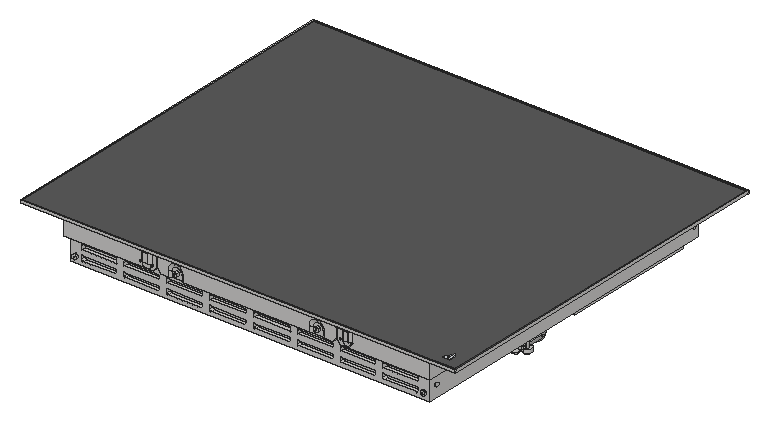
Revit family "P210876JX-026_JIC4324KB", category Specialty Equipment, Revit 2026 (continued)
Lines and regions (in)
  model lines
    curve 20: circle (4.0701, -20.5625, 1.63146) r 0.17188 normal (0, 1, 0)
    curve 21: circle (-9.01999, -7.01892, -0.89063) r 0.17882 normal (0, 0, -1)
    curve 22: circle (-9.01999, -2.76892, -0.89063) r 0.17882 normal (0, 0, -1)
    curve 23: circle (9.01999, -7.64392, -0.89063) r 0.17882 normal (0, 0, 1)
    curve 24: circle (9.01999, -2.14392, -0.89063) r 0.17882 normal (0, 0, 1)
    curve 25: circle (10.02465, -6.50505, 0) r 0.17882 normal (0, 0, 1)
    curve 26: circle (10.02465, -1.3488, 0) r 0.17882 normal (0, 0, 1)
    curve 27: circle (-10.03385, -6.75505, 0) r 0.17882 normal (0, 0, -1)
    curve 28: circle (-10.03385, -1.5988, 0) r 0.17882 normal (0, 0, -1)
    curve 29: circle (10.10453, -20.39434, 0.35608) r 0.17188 normal (0, 1, 0)
    curve 30: line (10.64063, -15.16765, 2.35096) -> (10.64063, -15.16765, 1.73857)
    curve 31: line (10.64063, -15.54001, 2.35096) -> (10.64063, -15.54001, 1.73857)
    curve 32: line (10.64063, -15.62042, 1.73442) -> (10.64063, -15.84905, 1.73442)
    curve 33: line (10.64063, -15.84905, 1.73442) -> (10.64063, -15.84905, 1.61111)
    curve 34: line (10.64063, -15.84905, 1.61111) -> (10.64063, -14.8586, 1.61111)
    curve 35: line (10.64063, -14.8586, 1.73442) -> (10.64063, -14.8586, 1.61111)
    curve 36: line (10.64063, -15.08723, 1.73442) -> (10.64063, -14.8586, 1.73442)
    curve 37: circle (10.64063, -15.3602, 1.98833) r 0.07501 normal (-1, 0, 0)
    curve 38: line (10.64063, -14.9452, 1.61111) -> (10.64063, -14.9452, 1.32071)
    curve 39: line (10.64063, -15.76246, 1.61111) -> (10.64063, -15.76246, 1.32071)
    curve 40: line (10.64063, -6.39339, 2.35096) -> (10.64063, -6.39339, 1.73857)
    curve 41: line (10.64063, -6.02102, 2.35096) -> (10.64063, -6.02102, 1.73857)
    curve 42: line (10.64063, -5.94061, 1.73442) -> (10.64063, -5.71198, 1.73442)
    curve 43: line (10.64063, -5.71198, 1.73442) -> (10.64063, -5.71198, 1.61111)
    curve 44: line (10.64063, -5.71198, 1.61111) -> (10.64063, -6.70243, 1.61111)
    curve 45: line (10.64063, -6.70243, 1.73442) -> (10.64063, -6.70243, 1.61111)
    curve 46: line (10.64063, -6.4738, 1.73442) -> (10.64063, -6.70243, 1.73442)
    curve 47: circle (10.64063, -6.20083, 1.98833) r 0.07501 normal (1, 0, 0)
    curve 48: line (10.64063, -6.61584, 1.61111) -> (10.64063, -6.61584, 1.32071)
    curve 49: line (10.64063, -5.79857, 1.61111) -> (10.64063, -5.79857, 1.32071)
    curve 50: circle (10.5047, -4.03215, 1.58417) r 0.15998 normal (-1, 0, 0)
    curve 51: circle (10.5047, -17.46965, 1.58417) r 0.15998 normal (-1, 0, 0)
    curve 52: line (-10.64063, -15.23015, 2.35096) -> (-10.64063, -15.23015, 1.73857)
    curve 53: line (-10.64063, -15.60251, 2.35096) -> (-10.64063, -15.60251, 1.73857)
    curve 54: line (-10.64063, -15.68292, 1.73442) -> (-10.64063, -15.91155, 1.73442)
    curve 55: line (-10.64063, -15.91155, 1.73442) -> (-10.64063, -15.91155, 1.61111)
    curve 56: line (-10.64063, -15.91155, 1.61111) -> (-10.64063, -14.9211, 1.61111)
    curve 57: line (-10.64063, -14.9211, 1.73442) -> (-10.64063, -14.9211, 1.61111)
    curve 58: line (-10.64063, -15.14973, 1.73442) -> (-10.64063, -14.9211, 1.73442)
    curve 59: circle (-10.64063, -15.4227, 1.98833) r 0.07501 normal (-1, 0, 0)
    curve 60: line (-10.64063, -15.0077, 1.61111) -> (-10.64063, -15.0077, 1.32071)
    curve 61: line (-10.64063, -15.82496, 1.61111) -> (-10.64063, -15.82496, 1.32071)
    curve 62: line (-10.64063, -6.39339, 2.35096) -> (-10.64063, -6.39339, 1.73857)
    curve 63: line (-10.64063, -6.02102, 2.35096) -> (-10.64063, -6.02102, 1.73857)
    curve 64: line (-10.64063, -5.94061, 1.73442) -> (-10.64063, -5.71198, 1.73442)
    curve 65: line (-10.64063, -5.71198, 1.73442) -> (-10.64063, -5.71198, 1.61111)
    curve 66: line (-10.64063, -5.71198, 1.61111) -> (-10.64063, -6.70243, 1.61111)
    curve 67: line (-10.64063, -6.70243, 1.73442) -> (-10.64063, -6.70243, 1.61111)
    curve 68: line (-10.64063, -6.4738, 1.73442) -> (-10.64063, -6.70243, 1.73442)
    curve 69: circle (-10.64063, -6.20083, 1.98833) r 0.07501 normal (1, 0, 0)
    curve 70: line (-10.64063, -6.61584, 1.61111) -> (-10.64063, -6.61584, 1.32071)
    curve 71: line (-10.64063, -5.79857, 1.61111) -> (-10.64063, -5.79857, 1.32071)
    curve 72: circle (-10.5047, -4.03215, 1.58417) r 0.15998 normal (-1, 0, 0)
    curve 73: circle (-10.5047, -17.46965, 1.58417) r 0.15998 normal (-1, 0, 0)
    curve 157: circle (8.38076, -10.37553, 0) r 0.17882 normal (0, 0, 1)
    curve 158: circle (-8.38076, -10.37553, 0) r 0.17882 normal (0, 0, -1)
  symbolic lines, style "SpecialityEquipment"
    curve 2: line (-12.64062, -21.3125, 3.72992) -> (12.64063, -21.3125, 3.72992)
    curve 3: line (-12.64062, 0, 3.72992) -> (-12.64062, -21.3125, 3.72992)
    curve 4: line (12.64063, 0, 3.72992) -> (-12.64062, 0, 3.72992)
    curve 5: line (12.64063, -21.3125, 3.72992) -> (12.64063, 0, 3.72992)
    curve 154: circle (-4.96806, -5.24272, 2.79687) r 3.43839 normal (0, 0, 1)
    curve 155: circle (-5.05211, -12.92336, 2.79687) r 2.91329 normal (0, 0, 1)
    curve 156: circle (3.89565, -9.29505, 2.79687) r 5.03606 normal (0, 0, 1)
  model lines, style "Cooktop Grey"
    curve 74: arc (-5.07883, -1.76298, 2.79687) -> (-7.44047, -2.77953, 2.79687) -> (-8.44875, -5.14471, 2.79687) r 3.46
    curve 75: arc (-8.44733, -5.34737, 2.79687) -> (-2.54274, -7.66814, 2.79687) -> (-4.86485, -1.76408, 2.79687) r 3.46
    curve 76: arc (-8.64791, -5.14808, 2.79687) -> (-7.58159, -2.64672, 2.79687) -> (-5.08397, -1.57164, 2.79687) r 3.65922
    curve 79: arc (-5.2914, -10.01991, 2.79687) -> (-7.17292, -10.926, 2.79687) -> (-7.96467, -12.85842, 2.79687) r 2.91329
    curve 80: arc (-7.96348, -13.02906, 2.79687) -> (-7.11584, -14.97963, 2.79687) -> (-5.16835, -15.83433, 2.79687) r 2.91329
    curve 82: arc (-4.94989, -15.83485, 2.79687) -> (-2.14382, -12.75255, 2.79687) -> (-5.2914, -10.01991, 2.79687) r 2.91329
    curve 84: arc (-5.1763, -16.03339, 2.79687) -> (-7.25696, -15.12025, 2.79687) -> (-8.16257, -13.03628, 2.79687) r 3.11251
    curve 85: arc (6.79626, -9.19829, 2.79687) -> (0.97951, -9.29398, 2.79687) -> (6.79601, -9.40335, 2.79687) r 2.90922
    curve 86: arc (8.91906, -9.19839, 2.79687) -> (7.43892, -5.73226, 2.79687) -> (3.9666, -4.26669, 2.79687) r 5.03131
    curve 87: arc (9.11436, -9.19015, 2.79687) -> (7.57591, -5.59288, 2.79687) -> (3.97147, -4.07132, 2.79687) r 5.22673
    curve 88: arc (3.77126, -4.26746, 2.79687) -> (0.33593, -12.85994, 2.79687) -> (8.91897, -9.40109, 2.79687) r 5.03131
  model lines, style "Cooktop White"
    curve 77: line (-4.95966, -1.57055, 2.79687) -> (-4.95966, -1.95563, 2.79687)
    curve 78: line (-8.63842, -5.24272, 2.79687) -> (-4.96806, -5.24272, 2.79687)
    curve 81: line (-8.12438, -12.94094, 2.79687) -> (-5.03396, -12.94094, 2.79687)
    curve 83: line (-5.05248, -15.64468, 2.79687) -> (-5.05248, -16.02158, 2.79687)
    curve 89: line (3.89565, -9.29505, 2.79687) -> (9.11546, -9.29505, 2.79687)
  model lines, style "Display Button Grey"
    curve 90: line (-5.00421, -18.54431, 2.79687) -> (-4.56365, -18.54431, 2.79687)
    curve 91: line (-5.00421, -18.98487, 2.79687) -> (-5.00421, -18.54431, 2.79687)
    curve 92: line (-4.56365, -18.98487, 2.79687) -> (-5.00421, -18.98487, 2.79687)
    curve 93: line (-4.56365, -18.54431, 2.79687) -> (-4.56365, -18.98487, 2.79687)
    curve 98: line (-5.00421, -19.27868, 2.79687) -> (-4.56365, -19.27868, 2.79687)
    curve 99: line (-5.00421, -19.71924, 2.79687) -> (-5.00421, -19.27868, 2.79687)
    curve 100: line (-4.56365, -19.71924, 2.79687) -> (-5.00421, -19.71924, 2.79687)
    curve 101: line (-4.56365, -19.27868, 2.79687) -> (-4.56365, -19.71924, 2.79687)
    curve 106: line (-3.48457, -18.54431, 2.79687) -> (-3.92513, -18.54431, 2.79687)
    curve 107: line (-3.48457, -18.98487, 2.79687) -> (-3.48457, -18.54431, 2.79687)
    curve 108: line (-3.92513, -18.98487, 2.79687) -> (-3.48457, -18.98487, 2.79687)
    curve 109: line (-3.92513, -18.54431, 2.79687) -> (-3.92513, -18.98487, 2.79687)
    curve 110: line (-3.48457, -19.27868, 2.79687) -> (-3.92513, -19.27868, 2.79687)
    curve 111: line (-3.48457, -19.71924, 2.79687) -> (-3.48457, -19.27868, 2.79687)
    curve 112: line (-3.92513, -19.71924, 2.79687) -> (-3.48457, -19.71924, 2.79687)
    curve 113: line (-3.92513, -19.27868, 2.79687) -> (-3.92513, -19.71924, 2.79687)
    curve 114: line (-2.36919, -18.54431, 2.79687) -> (-2.98943, -18.54431, 2.79687)
    curve 115: line (-2.36919, -18.98487, 2.79687) -> (-2.36919, -18.54431, 2.79687)
    curve 116: line (-2.98943, -18.98487, 2.79687) -> (-2.36919, -18.98487, 2.79687)
    curve 117: line (-2.98943, -18.54431, 2.79687) -> (-2.98943, -18.98487, 2.79687)
    curve 118: line (-2.36919, -19.27868, 2.79687) -> (-2.98943, -19.27868, 2.79687)
    curve 119: line (-2.36919, -19.71924, 2.79687) -> (-2.36919, -19.27868, 2.79687)
    curve 120: line (-2.98943, -19.71924, 2.79687) -> (-2.36919, -19.71924, 2.79687)
    curve 121: line (-2.98943, -19.27868, 2.79687) -> (-2.98943, -19.71924, 2.79687)
    curve 122: line (-0.71956, -19.34118, 2.79687) -> (-1.14449, -19.34118, 2.79687)
    curve 123: line (-0.71956, -19.78174, 2.79687) -> (-0.71956, -19.34118, 2.79687)
    curve 124: line (-1.14449, -19.78174, 2.79687) -> (-0.71956, -19.78174, 2.79687)
    curve 125: line (-1.14449, -19.34118, 2.79687) -> (-1.14449, -19.78174, 2.79687)
    curve 126: line (-0.22737, -19.34118, 2.79687) -> (-0.65231, -19.34118, 2.79687)
    curve 127: line (-0.22737, -19.78174, 2.79687) -> (-0.22737, -19.34118, 2.79687)
    curve 128: line (-0.65231, -19.78174, 2.79687) -> (-0.22737, -19.78174, 2.79687)
    curve 129: line (-0.65231, -19.34118, 2.79687) -> (-0.65231, -19.78174, 2.79687)
    curve 130: line (0.30053, -18.55866, 2.79687) -> (-0.31972, -18.55866, 2.79687)
    curve 131: line (0.30053, -18.99922, 2.79687) -> (0.30053, -18.55866, 2.79687)
    curve 132: line (-0.31972, -18.99922, 2.79687) -> (0.30053, -18.99922, 2.79687)
    curve 133: line (-0.31972, -18.55866, 2.79687) -> (-0.31972, -18.99922, 2.79687)
    curve 134: line (2.02462, -18.60947, 2.79687) -> (1.59969, -18.60947, 2.79687)
    curve 135: line (2.02462, -19.05003, 2.79687) -> (2.02462, -18.60947, 2.79687)
    curve 136: line (1.59969, -19.05003, 2.79687) -> (2.02462, -19.05003, 2.79687)
    curve 137: line (1.59969, -18.60947, 2.79687) -> (1.59969, -19.05003, 2.79687)
    curve 142: line (3.71189, -18.54643, 2.79687) -> (3.28695, -18.54643, 2.79687)
    curve 143: line (3.71189, -18.987, 2.79687) -> (3.71189, -18.54643, 2.79687)
    curve 144: line (3.28695, -18.987, 2.79687) -> (3.71189, -18.987, 2.79687)
    curve 145: line (3.28695, -18.54643, 2.79687) -> (3.28695, -18.987, 2.79687)
    curve 146: line (4.80577, -18.54643, 2.79687) -> (4.38084, -18.54643, 2.79687)
    curve 147: line (4.80577, -18.987, 2.79687) -> (4.80577, -18.54643, 2.79687)
    curve 148: line (4.38084, -18.987, 2.79687) -> (4.80577, -18.987, 2.79687)
    curve 149: line (4.38084, -18.54643, 2.79687) -> (4.38084, -18.987, 2.79687)
    curve 150: line (5.92322, -18.54643, 2.79687) -> (5.30297, -18.54643, 2.79687)
    curve 151: line (5.92322, -18.987, 2.79687) -> (5.92322, -18.54643, 2.79687)
    curve 152: line (5.30297, -18.987, 2.79687) -> (5.92322, -18.987, 2.79687)
    curve 153: line (5.30297, -18.54643, 2.79687) -> (5.30297, -18.987, 2.79687)
  model lines, style "Display Button White"
    curve 94: line (-5.9813, -18.54431, 2.79687) -> (-5.54074, -18.54431, 2.79687)
    curve 95: line (-5.9813, -18.98487, 2.79687) -> (-5.9813, -18.54431, 2.79687)
    curve 96: line (-5.54074, -18.98487, 2.79687) -> (-5.9813, -18.98487, 2.79687)
    curve 97: line (-5.54074, -18.54431, 2.79687) -> (-5.54074, -18.98487, 2.79687)
    curve 102: line (-5.9813, -19.27868, 2.79687) -> (-5.54074, -19.27868, 2.79687)
    curve 103: line (-5.9813, -19.71924, 2.79687) -> (-5.9813, -19.27868, 2.79687)
    curve 104: line (-5.54074, -19.71924, 2.79687) -> (-5.9813, -19.71924, 2.79687)
    curve 105: line (-5.54074, -19.27868, 2.79687) -> (-5.54074, -19.71924, 2.79687)
    curve 138: line (2.74507, -18.54643, 2.79687) -> (2.32013, -18.54643, 2.79687)
    curve 139: line (2.74507, -18.987, 2.79687) -> (2.74507, -18.54643, 2.79687)
    curve 140: line (2.32013, -18.987, 2.79687) -> (2.74507, -18.987, 2.79687)
    curve 141: line (2.32013, -18.54643, 2.79687) -> (2.32013, -18.987, 2.79687)
Dimensions and locks (in)
  "Height": plane 8 to plane 7
  equal spacing: plane 10, plane 3 "Center (Left/Right)", plane 9
  "Width": plane 10 to plane 9
  "Depth": plane 6 to plane 1 "Center (Front/Back)"
  aligned and locked: plane 2 to level
Automatic sketch dimensions
  Extrusion 1 sketch curve to plane 6 = 0.91816"
  Extrusion 1 sketch curve to plane 9 = 2.21"
  plane 10 to Extrusion 1 sketch curve = 2.2008"
  plane 1 "Center (Front/Back)" to Extrusion 1 sketch curve = 0.91816"
  curve 14 to Extrusion 1 = 0"
  Extrusion 1 to curve 13 = 0"
  Extrusion 1 to curve 15 = 0"
  curve 16 to Extrusion 1 = 0"
  curve 19 to Extrusion 1 = 25/64"
  Extrusion 1 to curve 14 = 0.15821"
  curve 19 to curve 14 = 0.27096"
  Extrusion 1 to curve 16 = 0.15821"
  curve 16 to curve 16 = 0.6616"
  Extrusion 1 to curve 17 = 25/64"
  Extrusion 1 to curve 19 = 0.56113"
  Extrusion 1 to curve 17 = 0.56113"
  curve 29 to Extrusion 1 = 0.32609"
  Extrusion 1 to curve 1 = 0.32609"
  Extrusion 1 to curve 29 = 0.35608"
  Extrusion 1 to curve 1 = 0.35608"
  Extrusion 1 to Extrusion 2 sketch curve = 0.45109"
  Extrusion 2 sketch curve to Extrusion 2 sketch curve = 1/8"  (x3)
  Extrusion 2 sketch curve to Extrusion 2 sketch curve = 0"
  Extrusion 1 to Extrusion 2 sketch curve = 0.50042"
  Extrusion 2 sketch curve to Extrusion 2 sketch curve = 0.07217"  (x3)
  Extrusion 2 sketch curve to Extrusion 2 sketch curve = 0.14434"  (x3)
  plane 1 "Center (Front/Back)" to Extrusion 3 sketch curve = 0"
  Extrusion 3 sketch curve to plane 10 = 0"
  Extrusion 3 sketch curve to plane 9 = 0"
  plane 6 to Extrusion 3 sketch curve = 0"
  plane 1 "Center (Front/Back)" to Extrusion 3 sketch curve = 0.04546"
  plane 1 "Center (Front/Back)" to Extrusion 3 sketch curve = 3/64"
  Extrusion 3 sketch curve to Extrusion 3 sketch curve = 1/64"  (x2)
  Extrusion 3 sketch curve to Extrusion 3 sketch curve = 3/128"  (x2)
  Extrusion 3 sketch curve to Extrusion 3 sketch curve = 0.02433"
  Extrusion 3 sketch curve to plane 6 = 11/128"  (x2)
  Extrusion 3 sketch curve to plane 6 = 3/64"
  Extrusion 3 sketch curve to Extrusion 3 sketch curve = 5/128"  (x2)
  curve 9 to Extrusion 1 = 0"
  Extrusion 1 to curve 8 = 0"
  Extrusion 1 to curve 6 = 0"
  curve 7 to Extrusion 1 = 0"
  curve 18 to Extrusion 1 = 25/64"
  Extrusion 1 to curve 9 = 0.15821"
  curve 18 to curve 9 = 0.27096"
  Extrusion 1 to curve 7 = 0.15821"
  curve 7 to curve 7 = 0.6616"
  curve 10 to Extrusion 1 = 25/64"
  Extrusion 1 to curve 18 = 0.56113"
  Extrusion 1 to curve 10 = 0.56113"
  plane 1 "Center (Front/Back)" to curve 4 = 0"
  plane 6 to curve 3 = 0"
  curve 4 to plane 10 = 0"
  curve 4 to plane 9 = 0"
  Extrusion 4 sketch curve to Extrusion 1 = 0.30004"
  Extrusion 4 sketch curve to Extrusion 4 sketch curve = 0.09059"  (x4)
  Extrusion 1 to Extrusion 4 sketch curve = 0.45652"
  Extrusion 4 sketch curve to Extrusion 4 sketch curve = 0.0523"  (x5)
  Extrusion 4 sketch curve to Extrusion 4 sketch curve = 0.10461"
  Extrusion 1 to Extrusion 5 sketch curve = 0"
  Extrusion 1 to Extrusion 5 sketch curve = 0.46296"
  Extrusion 5 sketch curve to Extrusion 1 = 7.12702"
  Extrusion 5 sketch curve to Extrusion 5 sketch curve = 0.08385"  (x2)
  Extrusion 5 sketch curve to Extrusion 5 sketch curve = 0.20382"  (x2)
  Extrusion 1 to Extrusion 5 sketch curve = 0.14553"
  Extrusion 5 sketch curve to Extrusion 5 sketch curve = 2.33084"
  Extrusion 5 sketch curve to Extrusion 5 sketch curve = 0.00887"
  Extrusion 5 sketch curve to Extrusion 5 sketch curve = 0.18365"
  Extrusion 5 sketch curve to Extrusion 5 sketch curve = 0.19252"
  Extrusion 5 sketch curve to Extrusion 5 sketch curve = 0.11362"  (x2)
  Extrusion 1 to Extrusion 5 sketch curve = 0.31743"
  Extrusion 1 to Extrusion 5 sketch curve = 0.18365"
  Blend 6 sketch curve to plane 8 = 1.12602"
  plane 3 "Center (Left/Right)" to Blend 6 sketch curve = 4.50439"
  Blend 6 sketch curve to Blend 6 sketch curve = 0.43729"
  Blend 6 sketch curve to Blend 6 sketch curve = 0.35014"  (x2)
  level to Blend 6 sketch curve = 1.32071"
  plane 3 "Center (Left/Right)" to Blend 6 sketch curve = 3.77825"
  Blend 6 sketch curve to Blend 6 sketch curve = 0.28885"
  Blend 7 sketch curve to plane 8 = 1.12602"
  Blend 7 sketch curve to plane 3 "Center (Left/Right)" = 3.69232"
  Blend 7 sketch curve to Blend 7 sketch curve = 0.43729"
  Blend 7 sketch curve to Blend 7 sketch curve = 0.35014"  (x2)
  level to Blend 7 sketch curve = 1.32071"
  Blend 7 sketch curve to plane 3 "Center (Left/Right)" = 4.41845"
  Blend 7 sketch curve to Blend 7 sketch curve = 0.28885"
  Extrusion 8 sketch curve to Extrusion 1 = 0.6563"
  Extrusion 8 sketch curve to Extrusion 8 sketch curve = 0"  (x14)
  Extrusion 8 sketch curve to Extrusion 8 sketch curve = 23/256"  (x16)
  Extrusion 8 sketch curve to Extrusion 1 = 0.29278"
  Extrusion 8 sketch curve to Extrusion 8 sketch curve = 1.88287"  (x3)
  Extrusion 8 sketch curve to Extrusion 1 = 0.21949"  (x5)
  Extrusion 8 sketch curve to Extrusion 8 sketch curve = 0.08979"  (x16)
  Extrusion 8 sketch curve to Extrusion 8 sketch curve = 13/32"  (x8)
  Extrusion 8 sketch curve to Extrusion 1 = 0.20299"  (x3)
  Extrusion 8 sketch curve to Extrusion 1 = 0.30928"
  Extrusion 8 sketch curve to Extrusion 8 sketch curve = 1.91412"  (x2)
  Extrusion 8 sketch curve to Extrusion 8 sketch curve = 1.94537"  (x2)
  Extrusion 8 sketch curve to Extrusion 8 sketch curve = 0.44206"
  Extrusion 8 sketch curve to Extrusion 1 = 0.29283"  (x4)
  Extrusion 8 sketch curve to Extrusion 1 = 0.30933"  (x2)
  Extrusion 1 to Extrusion 8 sketch curve = 0.74614"
  Extrusion 8 sketch curve to Extrusion 8 sketch curve = 0.22054"  (x10)
  Extrusion 8 sketch curve to Extrusion 8 sketch curve = 0.22049"  (x6)
  Extrusion 1 to Blend 9 sketch curve = 0.26532"
  Blend 9 sketch curve to Extrusion 1 = 6.02417"  (x2)
  Blend 9 sketch curve to Blend 9 sketch curve = 0.39623"  (x2)
  Blend 9 sketch curve to Blend 9 sketch curve = 0.32644"
  Extrusion 1 to Blend 9 sketch curve = 0.50406"
  Blend 9 sketch curve to Blend 9 sketch curve = 0.22488"
  Extrusion 10 sketch curve to Extrusion 5 = 0.37893"
  Extrusion 10 sketch curve to Extrusion 10 sketch curve = 0.09059"  (x4)
  Extrusion 10 sketch curve to Extrusion 5 = 0.13909"
  Extrusion 10 sketch curve to Extrusion 10 sketch curve = 0.0523"  (x5)
  Extrusion 10 sketch curve to Extrusion 10 sketch curve = 0.10461"
  curve 12 to Extrusion 5 = 0.28834"
  curve 12 to Extrusion 5 = 0.24369"
  Extrusion 11 sketch curve to plane 8 = 1.23096"
  Extrusion 11 sketch curve to plane 3 "Center (Left/Right)" = 5.2254"
  Extrusion 11 sketch curve to Extrusion 11 sketch curve = 0.20575"
  Extrusion 11 sketch curve to plane 8 = 0.1563"
  plane 10 to Extrusion 11 sketch curve = 2"
  Extrusion 11 sketch curve to Extrusion 11 sketch curve = 1.31987"
  Extrusion 12 sketch curve to plane 8 = 1.23096"
  plane 3 "Center (Left/Right)" to Extrusion 12 sketch curve = 5.2254"
  Extrusion 12 sketch curve to Extrusion 12 sketch curve = 0.20575"
  Extrusion 12 sketch curve to plane 8 = 0.1563"
  Extrusion 12 sketch curve to plane 9 = 2"
  Extrusion 12 sketch curve to Extrusion 12 sketch curve = 0.2452"
  Extrusion 13 sketch curve to plane 8 = 0.1563"
  Extrusion 13 sketch curve to plane 3 "Center (Left/Right)" = 5.19415"
  level to Extrusion 13 sketch curve = 1.32071"
  Extrusion 13 sketch curve to Extrusion 13 sketch curve = 0.20575"  (x2)
  plane 3 "Center (Left/Right)" to Extrusion 13 sketch curve = 4.9884"
  Extrusion 13 sketch curve to Extrusion 13 sketch curve = 0.2452"  (x2)
  Extrusion 13 to Extrusion 14 sketch curve = 0.34717"  (x2)
  Extrusion 13 to Extrusion 14 sketch curve = 2.05717"
  Extrusion 13 to Extrusion 14 sketch curve = 0.43616"
  Extrusion 14 sketch curve to Extrusion 14 sketch curve = 1.35914"  (x2)
  Extrusion 14 sketch curve to Extrusion 14 sketch curve = 3.18068"
  Extrusion 14 sketch curve to Extrusion 14 sketch curve = 0.08899"
  Extrusion 1 to Extrusion 15 sketch curve = 0.48122"
  Extrusion 15 sketch curve to Extrusion 15 sketch curve = 0.09059"  (x4)
  Extrusion 1 to Extrusion 15 sketch curve = 0.45652"
  Extrusion 15 sketch curve to Extrusion 15 sketch curve = 0.0523"  (x5)
  Extrusion 15 sketch curve to Extrusion 15 sketch curve = 0.10461"
  Extrusion 16 sketch curve to Extrusion 1 = 0.30004"
  Extrusion 16 sketch curve to Extrusion 16 sketch curve = 0.09059"  (x4)
  Extrusion 1 to Extrusion 16 sketch curve = 0.65497"
  Extrusion 16 sketch curve to Extrusion 16 sketch curve = 0.0523"  (x5)
  Extrusion 16 sketch curve to Extrusion 16 sketch curve = 0.10461"
  Extrusion 17 sketch curve to Extrusion 1 = 0.30004"
  Extrusion 17 sketch curve to Extrusion 17 sketch curve = 0.09059"  (x4)
  Extrusion 1 to Extrusion 17 sketch curve = 0.45652"
  Extrusion 17 sketch curve to Extrusion 17 sketch curve = 0.0523"  (x5)
  Extrusion 17 sketch curve to Extrusion 17 sketch curve = 0.10461"
  Extrusion 18 sketch curve to level = 0"
  plane 7 to Extrusion 18 sketch curve = 7/32"
  Extrusion 18 sketch curve to plane 9 = 3.08159"
  plane 10 to Extrusion 18 sketch curve = 3.08159"
  Revolve 19 sketch curve to level = 0"
  Revolve 19 sketch curve to plane 7 = 0"
  Revolve 19 sketch curve to plane 6 = 10.39416"
  Revolve 19 sketch curve to Revolve 19 sketch curve = 0.39714"
  Revolve 19 sketch curve to Revolve 19 sketch curve = 0.48892"
  Revolve 19 sketch curve to Revolve 19 sketch curve = 0"
  Revolve 19 sketch curve to Revolve 19 sketch curve = 17/64"
  Revolve 19 sketch curve to level = 0.2053"
  plane 7 to Revolve 22 sketch curve = 0.45273"
  Revolve 22 sketch curve to plane 6 = 8.75596"
  Revolve 22 sketch curve to Revolve 22 sketch curve = 0.10052"  (x2)
  Revolve 22 sketch curve to Revolve 22 sketch curve = 0.07539"
  Revolve 22 sketch curve to Revolve 22 sketch curve = 0.14213"
  Revolve 22 sketch curve to Revolve 22 sketch curve = 0.07874"
  Revolve 22 sketch curve to Revolve 22 sketch curve = 0.1491"
  Revolve 22 sketch curve to Revolve 22 sketch curve = 0.03183"
  Revolve 22 sketch curve to Revolve 22 sketch curve = 0.3183"
  Revolve 22 sketch curve to Revolve 22 sketch curve = 0"  (x2)
  plane 7 to Revolve 23 sketch curve = 0.45273"
  Revolve 23 sketch curve to plane 6 = 8.75596"
  Revolve 23 sketch curve to Revolve 23 sketch curve = 0.10052"  (x2)
  Revolve 23 sketch curve to Revolve 23 sketch curve = 0.07539"
  Revolve 23 sketch curve to Revolve 23 sketch curve = 0.14213"
  Revolve 23 sketch curve to Revolve 23 sketch curve = 0.07874"
  Revolve 23 sketch curve to Revolve 23 sketch curve = 0.3183"
  Revolve 23 sketch curve to Revolve 23 sketch curve = 0.1491"
  Revolve 23 sketch curve to Revolve 23 sketch curve = 0.03183"
  Revolve 23 sketch curve to Revolve 23 sketch curve = 0"  (x2)
  Extrusion 24 sketch curve to plane 8 = 1.23759"
  plane 3 "Center (Left/Right)" to Extrusion 24 sketch curve = 3.9451"
  Extrusion 24 sketch curve to plane 8 = 1.02108"
  Extrusion 24 sketch curve to Extrusion 24 sketch curve = 1/8"  (x3)
  Extrusion 24 sketch curve to plane 8 = 1.30975"
  Extrusion 24 sketch curve to Extrusion 24 sketch curve = 0"
  Extrusion 24 sketch curve to Extrusion 24 sketch curve = 0.07217"  (x2)
  Extrusion 24 sketch curve to Extrusion 24 sketch curve = 0.14434"  (x2)
  curve 20 to plane 8 = 1.16542"
  plane 3 "Center (Left/Right)" to curve 20 = 4.0701"
  Extrusion 25 sketch curve to plane 8 = 1.23759"
  Extrusion 25 sketch curve to plane 3 "Center (Left/Right)" = 4.2576"
  Extrusion 25 sketch curve to plane 8 = 1.30975"
  Extrusion 25 sketch curve to Extrusion 25 sketch curve = 1/8"  (x3)
  Extrusion 25 sketch curve to Extrusion 25 sketch curve = 0"
  Extrusion 25 sketch curve to plane 8 = 1.02108"
  Extrusion 25 sketch curve to Extrusion 25 sketch curve = 0.07217"
  Extrusion 25 sketch curve to Extrusion 25 sketch curve = 0.14434"  (x3)
  Extrusion 26 sketch curve to Extrusion 18 = 69/128"  (x2)
  Extrusion 26 sketch curve to Extrusion 18 = 1.63426"
  Extrusion 26 sketch curve to Extrusion 18 = 53/128"
  Extrusion 26 sketch curve to Extrusion 26 sketch curve = 0.07217"  (x4)
  Extrusion 26 sketch curve to Extrusion 18 = 85/128"
  Extrusion 26 sketch curve to Extrusion 26 sketch curve = 0.14434"  (x2)
  Extrusion 26 sketch curve to Extrusion 26 sketch curve = 1/8"
  Extrusion 18 to curve 23 = 69/128"
  curve 23 to Extrusion 18 = 1.15359"
  curve 21 to Extrusion 18 = 69/128"
  curve 21 to Extrusion 18 = 1.77859"
  curve 22 to Extrusion 18 = 69/128"
  curve 22 to Extrusion 18 = 1.80096"
  Extrusion 18 to curve 24 = 69/128"
  curve 24 to Extrusion 18 = 1.17596"
  Extrusion 27 sketch curve to Extrusion 18 = 69/128"  (x2)
  Extrusion 27 sketch curve to Extrusion 18 = 1 121/128"
  Extrusion 27 sketch curve to Extrusion 18 = 53/128"
  Extrusion 27 sketch curve to Extrusion 27 sketch curve = 0.07217"  (x4)
  Extrusion 27 sketch curve to Extrusion 18 = 85/128"
  Extrusion 27 sketch curve to Extrusion 27 sketch curve = 0.14434"  (x2)
  Extrusion 27 sketch curve to Extrusion 27 sketch curve = 1/8"
  Extrusion 18 to Extrusion 28 sketch curve = 69/128"
  Extrusion 28 sketch curve to Extrusion 18 = 1.29793"
  Extrusion 18 to Extrusion 28 sketch curve = 53/128"
  Extrusion 28 sketch curve to Extrusion 28 sketch curve = 0.07217"  (x3)
  Extrusion 28 sketch curve to Extrusion 28 sketch curve = 0.14434"  (x3)
  Extrusion 28 sketch curve to Extrusion 28 sketch curve = 1/8"  (x2)
  Extrusion 28 sketch curve to Extrusion 28 sketch curve = 0"
  Extrusion 29 sketch curve to Extrusion 18 = 1.03162"
  Extrusion 18 to Extrusion 29 sketch curve = 53/128"
  Extrusion 29 sketch curve to Extrusion 29 sketch curve = 0.07217"  (x4)
  Extrusion 29 sketch curve to Extrusion 29 sketch curve = 0.14434"  (x2)
  Extrusion 18 to Extrusion 29 sketch curve = 69/128"
  Extrusion 29 sketch curve to Extrusion 29 sketch curve = 1/8"  (x3)
  Extrusion 1 to Extrusion 30 sketch curve = 0.40598"  (x2)
  Extrusion 1 to Extrusion 30 sketch curve = 5.44255"
  Extrusion 1 to Extrusion 30 sketch curve = 0.28098"
  Extrusion 30 sketch curve to Extrusion 30 sketch curve = 0.07217"  (x3)
  Extrusion 1 to Extrusion 30 sketch curve = 0.53098"
  Extrusion 30 sketch curve to Extrusion 30 sketch curve = 0.14434"  (x3)
  Extrusion 30 sketch curve to Extrusion 30 sketch curve = 1/8"
  Extrusion 1 to Extrusion 31 sketch curve = 0.2863"
  Extrusion 31 sketch curve to Extrusion 31 sketch curve = 0.07217"  (x3)
  Extrusion 31 sketch curve to Extrusion 31 sketch curve = 0.14434"  (x3)
  Extrusion 1 to Extrusion 31 sketch curve = 0.53098"
  Extrusion 31 sketch curve to Extrusion 31 sketch curve = 1/8"  (x3)
  Extrusion 31 sketch curve to Extrusion 31 sketch curve = 0"
  Extrusion 1 to Extrusion 32 sketch curve = 0.40598"  (x2)
  Extrusion 1 to Extrusion 32 sketch curve = 5.73123"
  Extrusion 1 to Extrusion 32 sketch curve = 0.28098"
  Extrusion 32 sketch curve to Extrusion 32 sketch curve = 0.07217"  (x5)
  Extrusion 1 to Extrusion 32 sketch curve = 0.53098"
  Extrusion 32 sketch curve to Extrusion 32 sketch curve = 0.14434"
  Extrusion 32 sketch curve to Extrusion 32 sketch curve = 1/8"
  Extrusion 1 to Extrusion 33 sketch curve = 0.57498"
  Extrusion 33 sketch curve to Extrusion 33 sketch curve = 0.07217"  (x4)
  Extrusion 33 sketch curve to Extrusion 33 sketch curve = 0.14434"  (x2)
  Extrusion 1 to Extrusion 33 sketch curve = 0.53098"
  Extrusion 33 sketch curve to Extrusion 33 sketch curve = 1/8"  (x4)
  plane 1 "Center (Front/Back)" to Extrusion 34 sketch curve = 1/16"
  Extrusion 34 sketch curve to Extrusion 34 sketch curve = 3/128"  (x2)
  Extrusion 34 sketch curve to Extrusion 34 sketch curve = 0.02433"
  Extrusion 34 sketch curve to plane 6 = 11/128"  (x2)
  plane 10 to Extrusion 34 sketch curve = 1/16"
  Extrusion 34 sketch curve to plane 9 = 11/128"
  Extrusion 18 to Extrusion 35 sketch curve = 0.21979"
  Extrusion 18 to Extrusion 35 sketch curve = 0.22898"
  Extrusion 18 to Extrusion 35 sketch curve = 0.18304"
  Extrusion 18 to Extrusion 35 sketch curve = 0.22463"
  Revolve 36 sketch curve to level = 0.44991"
  Revolve 36 sketch curve to plane 9 = 5.56416"
  Revolve 36 sketch curve to Revolve 36 sketch curve = 0.11233"  (x2)
  Revolve 36 sketch curve to Revolve 36 sketch curve = 0.0307"
  Revolve 36 sketch curve to Revolve 36 sketch curve = 0.30781"  (x2)
  Revolve 36 sketch curve to Revolve 36 sketch curve = 0.03944"  (x2)
  Revolve 36 sketch curve to level = 0.31213"
  Revolve 36 sketch curve to Revolve 36 sketch curve = 0.22093"  (x2)
  Revolve 36 sketch curve to Revolve 36 sketch curve = 0.04971"  (x2)
  Revolve 36 sketch curve to Revolve 36 sketch curve = 0.04642"  (x2)
  Revolve 36 sketch curve to Revolve 36 sketch curve = 0.27556"
  Revolve 36 sketch curve to Revolve 36 sketch curve = 0"  (x4)
  Revolve 36 sketch curve to Revolve 36 sketch curve = 0.14928"
  Revolve 36 sketch curve to Revolve 36 sketch curve = 0.05575"
  Revolve 36 sketch curve to Revolve 36 sketch curve = 0.00971"
  Extrusion 37 sketch curve to plane 8 = 1.23096"
  Extrusion 37 sketch curve to plane 3 "Center (Left/Right)" = 5.2254"
  Extrusion 37 sketch curve to Extrusion 37 sketch curve = 0.20575"
  Extrusion 37 sketch curve to plane 8 = 0.1563"
  plane 10 to Extrusion 37 sketch curve = 2"
  Extrusion 37 sketch curve to Extrusion 37 sketch curve = 0.2452"
  Extrusion 38 sketch curve to plane 8 = 1.23096"
  plane 3 "Center (Left/Right)" to Extrusion 38 sketch curve = 5.2254"
  Extrusion 38 sketch curve to Extrusion 38 sketch curve = 0.20575"
  Extrusion 38 sketch curve to plane 8 = 0.1563"
  Extrusion 38 sketch curve to plane 9 = 2"
  Extrusion 38 sketch curve to Extrusion 38 sketch curve = 1.31987"
  Extrusion 39 sketch curve to plane 8 = 0.1563"
  Extrusion 39 sketch curve to plane 3 "Center (Left/Right)" = 5.19415"
  level to Extrusion 39 sketch curve = 1.32071"
  Extrusion 39 sketch curve to Extrusion 39 sketch curve = 0.20575"  (x2)
  plane 3 "Center (Left/Right)" to Extrusion 39 sketch curve = 4.9884"
  Extrusion 39 sketch curve to Extrusion 39 sketch curve = 0.2452"  (x2)
  plane 8 to Blend 40 sketch curve = 1.2951"
  plane 6 to Blend 40 sketch curve = 4.40482"
  Blend 40 sketch curve to Blend 40 sketch curve = 0.56033"
  Blend 40 sketch curve to Blend 40 sketch curve = 0.18107"  (x2)
  Blend 40 sketch curve to level = 1.32071"
  plane 6 to Blend 40 sketch curve = 3.40524"
  Blend 40 sketch curve to Blend 40 sketch curve = 0.43924"
  plane 8 to Blend 41 sketch curve = 1.2951"
  Blend 41 sketch curve to plane 1 "Center (Front/Back)" = 3.47018"
  Blend 41 sketch curve to Blend 41 sketch curve = 0.56033"
  Blend 41 sketch curve to Blend 41 sketch curve = 0.18107"  (x2)
  Blend 41 sketch curve to level = 1.32071"
  Blend 41 sketch curve to plane 1 "Center (Front/Back)" = 4.46976"
  Blend 41 sketch curve to Blend 41 sketch curve = 0.43924"
  Blend 42 sketch curve to plane 8 = 1.2951"
  Blend 42 sketch curve to plane 6 = 3.28415"
  Blend 42 sketch curve to Blend 42 sketch curve = 0.56033"
  Blend 42 sketch curve to Blend 42 sketch curve = 0.18107"  (x2)
  level to Blend 42 sketch curve = 1.32071"
  Blend 42 sketch curve to plane 6 = 3.40524"
  Blend 42 sketch curve to Blend 42 sketch curve = 0.43924"
  Blend 43 sketch curve to plane 8 = 1.2951"
  plane 1 "Center (Front/Back)" to Blend 43 sketch curve = 4.59085"
  Blend 43 sketch curve to Blend 43 sketch curve = 0.56033"
  Blend 43 sketch curve to Blend 43 sketch curve = 0.18107"  (x2)
  level to Blend 43 sketch curve = 1.32071"
  plane 1 "Center (Front/Back)" to Blend 43 sketch curve = 4.46976"
  Blend 43 sketch curve to Blend 43 sketch curve = 0.43924"
  Extrusion 44 sketch curve to plane 8 = 0.77801"
  plane 1 "Center (Front/Back)" to Extrusion 44 sketch curve = 2.65517"
  Extrusion 45 sketch curve to plane 8 = 0.77801"
  Extrusion 45 sketch curve to plane 6 = 2.40664"
  Extrusion 46 sketch curve to Extrusion 1 = 0.45109"
  Extrusion 46 sketch curve to Extrusion 46 sketch curve = 1/8"  (x3)
  Extrusion 46 sketch curve to Extrusion 46 sketch curve = 0"
  Extrusion 1 to Extrusion 46 sketch curve = 0.21175"
  Extrusion 46 sketch curve to Extrusion 46 sketch curve = 0.07217"  (x3)
  Extrusion 46 sketch curve to Extrusion 46 sketch curve = 0.14434"  (x3)
  Extrusion 47 sketch curve to plane 8 = 1.32794"
  plane 3 "Center (Left/Right)" to Extrusion 47 sketch curve = 6.03246"
  level to Extrusion 47 sketch curve = 1.37372"
  Extrusion 47 sketch curve to Extrusion 47 sketch curve = 0.09522"
  Extrusion 47 sketch curve to Extrusion 47 sketch curve = 0.09639"
  Extrusion 47 sketch curve to Extrusion 47 sketch curve = 1/4"
  Extrusion 47 sketch curve to plane 8 = 1.34714"
  Extrusion 47 sketch curve to Extrusion 47 sketch curve = 0.07601"
  Extrusion 47 sketch curve to Extrusion 47 sketch curve = 0.41708"
  Extrusion 47 sketch curve to plane 8 = 0.63084"
  Extrusion 47 sketch curve to plane 8 = 0.4216"
  Extrusion 47 sketch curve to Extrusion 47 sketch curve = 0.30563"
  Extrusion 48 sketch curve to plane 8 = 1.18995"
  plane 3 "Center (Left/Right)" to Extrusion 48 sketch curve = 6.17455"
  Extrusion 48 sketch curve to Extrusion 48 sketch curve = 0"  (x2)
  Extrusion 48 sketch curve to Extrusion 48 sketch curve = 0.0874"  (x3)
  Extrusion 48 sketch curve to Extrusion 48 sketch curve = 0.53012"
  Extrusion 48 sketch curve to Extrusion 48 sketch curve = 0.05755"  (x2)
  Extrusion 48 sketch curve to Extrusion 48 sketch curve = 0.50156"  (x2)
  Extrusion 49 sketch curve to plane 6 = 0.57079"
  Extrusion 49 sketch curve to Extrusion 49 sketch curve = 0.0123"
  Extrusion 49 sketch curve to Extrusion 49 sketch curve = 0.01259"
  Extrusion 49 sketch curve to Extrusion 49 sketch curve = 5/256"
  Extrusion 49 sketch curve to Extrusion 49 sketch curve = 0.02247"
  Extrusion 49 sketch curve to Extrusion 49 sketch curve = 3/128"
  Extrusion 49 sketch curve to Extrusion 49 sketch curve = 0.10441"
  Extrusion 49 sketch curve to Extrusion 49 sketch curve = 0.07374"
  plane 3 "Center (Left/Right)" to Extrusion 49 sketch curve = 6.08715"
  Extrusion 49 sketch curve to Extrusion 49 sketch curve = 0.03584"
  Extrusion 49 sketch curve to Extrusion 49 sketch curve = 0.06829"
  Extrusion 49 sketch curve to Extrusion 49 sketch curve = 0.00149"  (x2)
  Extrusion 49 sketch curve to Extrusion 49 sketch curve = 0.26151"
  Extrusion 49 sketch curve to Extrusion 49 sketch curve = 0.09867"
  Extrusion 49 sketch curve to Extrusion 49 sketch curve = 0.03543"
  Extrusion 50 sketch curve to plane 8 = 1.18995"
  Extrusion 50 sketch curve to plane 3 "Center (Left/Right)" = 6.16814"
  Extrusion 50 sketch curve to Extrusion 50 sketch curve = 0"  (x2)
  Extrusion 50 sketch curve to Extrusion 50 sketch curve = 0.0874"  (x3)
  Extrusion 50 sketch curve to Extrusion 50 sketch curve = 0.53012"
  Extrusion 50 sketch curve to Extrusion 50 sketch curve = 0.05755"  (x2)
  Extrusion 50 sketch curve to Extrusion 50 sketch curve = 0.50156"  (x2)
  Extrusion 51 sketch curve to plane 8 = 1.32794"
  Extrusion 51 sketch curve to plane 3 "Center (Left/Right)" = 6.01496"
  level to Extrusion 51 sketch curve = 1.37372"
  Extrusion 51 sketch curve to Extrusion 51 sketch curve = 0.09522"
  Extrusion 51 sketch curve to Extrusion 51 sketch curve = 0.09639"  (x2)
  Extrusion 51 sketch curve to Extrusion 51 sketch curve = 1/4"
  Extrusion 51 sketch curve to plane 8 = 1.34714"
  Extrusion 51 sketch curve to Extrusion 51 sketch curve = 0.07601"
  Extrusion 51 sketch curve to Extrusion 51 sketch curve = 0.39958"
  Extrusion 51 sketch curve to plane 8 = 0.63084"
  Extrusion 51 sketch curve to plane 8 = 0.4216"
  Extrusion 52 sketch curve to plane 6 = 11/16"
  Extrusion 52 sketch curve to Extrusion 52 sketch curve = 0"
  Extrusion 52 sketch curve to Extrusion 52 sketch curve = 0.07374"
  Extrusion 52 sketch curve to Extrusion 52 sketch curve = 0.07471"
  Extrusion 52 sketch curve to Extrusion 52 sketch curve = 0.02247"
  Extrusion 52 sketch curve to Extrusion 52 sketch curve = 0.00695"
  Extrusion 52 sketch curve to Extrusion 52 sketch curve = 0.00723"
  Extrusion 52 sketch curve to Extrusion 52 sketch curve = 5/256"
  Extrusion 52 sketch curve to plane 3 "Center (Left/Right)" = 6.08074"
  Extrusion 52 sketch curve to Extrusion 52 sketch curve = 0.03584"
  Extrusion 52 sketch curve to Extrusion 52 sketch curve = 0.06829"
  Extrusion 52 sketch curve to Extrusion 52 sketch curve = 0.00149"  (x2)
  Extrusion 52 sketch curve to Extrusion 52 sketch curve = 0.26151"
  Extrusion 52 sketch curve to Extrusion 52 sketch curve = 0.09867"
  Extrusion 52 sketch curve to Extrusion 52 sketch curve = 0.03543"
  Extrusion 53 sketch curve to Extrusion 53 sketch curve = 0"  (x25)
  Extrusion 53 sketch curve to plane 8 = 1.25162"
  Extrusion 53 sketch curve to plane 6 = 6.22417"
  Extrusion 53 sketch curve to plane 8 = 1.28752"  (x2)
  Extrusion 53 sketch curve to Extrusion 53 sketch curve = 0.03591"  (x2)
  Extrusion 53 sketch curve to Extrusion 53 sketch curve = 0.0425"
  Extrusion 53 sketch curve to plane 8 = 1.17798"  (x2)
  Extrusion 53 sketch curve to Extrusion 53 sketch curve = 0.03682"
  Extrusion 53 sketch curve to plane 8 = 1.21389"  (x2)
  Extrusion 53 sketch curve to Extrusion 53 sketch curve = 0.14619"  (x2)
  Extrusion 53 sketch curve to Extrusion 53 sketch curve = 0.00339"  (x2)
  Extrusion 53 sketch curve to Extrusion 53 sketch curve = 0.07322"
  Extrusion 53 sketch curve to Extrusion 53 sketch curve = 0.31191"
  Extrusion 53 sketch curve to Extrusion 53 sketch curve = 0.03114"  (x3)
  Extrusion 53 sketch curve to Extrusion 53 sketch curve = 0.07363"
  Extrusion 53 sketch curve to Extrusion 53 sketch curve = 0.43987"
  Extrusion 53 sketch curve to Extrusion 53 sketch curve = 0.0098"  (x2)
  Extrusion 53 sketch curve to Extrusion 53 sketch curve = 0.07369"  (x2)
  Extrusion 53 sketch curve to Extrusion 53 sketch curve = 0.17759"
  Extrusion 53 sketch curve to Extrusion 53 sketch curve = 13/256"
  Extrusion 54 sketch curve to Extrusion 54 sketch curve = 0"  (x25)
  Extrusion 54 sketch curve to plane 8 = 1.25162"
  plane 1 "Center (Front/Back)" to Extrusion 54 sketch curve = 6.4727"
  Extrusion 54 sketch curve to plane 8 = 1.28752"  (x2)
  Extrusion 54 sketch curve to Extrusion 54 sketch curve = 0.03591"  (x2)
  Extrusion 54 sketch curve to Extrusion 54 sketch curve = 0.0425"
  Extrusion 54 sketch curve to plane 8 = 1.17798"  (x2)
  Extrusion 54 sketch curve to Extrusion 54 sketch curve = 0.03682"
  Extrusion 54 sketch curve to plane 8 = 1.21389"  (x2)
  Extrusion 54 sketch curve to Extrusion 54 sketch curve = 0.14619"  (x2)
  Extrusion 54 sketch curve to Extrusion 54 sketch curve = 0.00339"  (x2)
  Extrusion 54 sketch curve to Extrusion 54 sketch curve = 0.07322"
  Extrusion 54 sketch curve to Extrusion 54 sketch curve = 0.31191"
  Extrusion 54 sketch curve to Extrusion 54 sketch curve = 0.03114"  (x3)
  Extrusion 54 sketch curve to Extrusion 54 sketch curve = 0.07363"
  Extrusion 54 sketch curve to Extrusion 54 sketch curve = 0.43987"
  Extrusion 54 sketch curve to Extrusion 54 sketch curve = 0.0098"  (x2)
  Extrusion 54 sketch curve to Extrusion 54 sketch curve = 0.07369"  (x2)
  Extrusion 54 sketch curve to Extrusion 54 sketch curve = 0.17759"
  Extrusion 54 sketch curve to Extrusion 54 sketch curve = 13/256"
  Extrusion 55 sketch curve to plane 8 = 0.77801"
  plane 1 "Center (Front/Back)" to Extrusion 55 sketch curve = 2.65517"
  Extrusion 56 sketch curve to plane 8 = 1.265"
  plane 1 "Center (Front/Back)" to Extrusion 56 sketch curve = 3.94156"
  Extrusion 56 sketch curve to plane 8 = 1.10809"
  Extrusion 56 sketch curve to Extrusion 56 sketch curve = 0.09059"  (x4)
  Extrusion 56 sketch curve to plane 8 = 1.31731"
  Extrusion 56 sketch curve to Extrusion 56 sketch curve = 0.0523"  (x4)
  Extrusion 57 sketch curve to plane 8 = 1.265"
  Extrusion 57 sketch curve to plane 6 = 3.93344"
  Extrusion 57 sketch curve to plane 8 = 1.10809"
  Extrusion 57 sketch curve to Extrusion 57 sketch curve = 0.09059"  (x4)
  Extrusion 57 sketch curve to plane 8 = 1.31731"
  Extrusion 57 sketch curve to Extrusion 57 sketch curve = 0.0523"  (x4)
  curve 43 to plane 8 = 1.18577"
  plane 1 "Center (Front/Back)" to curve 43 = 5.71198"
  curve 42 to curve 47 = 0.48885"
  curve 47 to curve 45 = 0.5016"
  curve 35 to plane 8 = 1.06246"
  curve 35 to plane 6 = 6.4539"
  curve 35 to curve 37 = 0.5016"
  curve 37 to curve 33 = 0.48885"
  curve 37 to curve 36 = 65/256"
  curve 47 to curve 49 = 0.37722"
  curve 45 to curve 44 = 0.12331"
  curve 43 to curve 43 = 0.12331"
  curve 37 to curve 33 = 65/256"
  curve 35 to curve 35 = 0.12331"
  curve 43 to curve 49 = 0.08659"
  curve 49 to curve 42 = 0.14204"
  curve 42 to curve 41 = 0.08041"
  curve 40 to curve 45 = 0.30904"
  curve 40 to curve 46 = 0.08041"
  curve 48 to curve 44 = 0.08659"
  curve 34 to curve 38 = 0.08659"
  curve 38 to curve 36 = 0.14204"
  curve 36 to curve 30 = 0.08041"
  curve 37 to curve 31 = 0.17981"
  curve 31 to curve 32 = 0.08041"
  curve 39 to curve 33 = 0.08659"
  curve 40 to curve 46 = 0.00415"
  curve 30 to curve 36 = 0.00415"
  curve 31 to curve 32 = 0.00415"
  curve 41 to curve 42 = 0.00415"
  curve 40 to curve 47 = 0.36264"
  curve 31 to curve 37 = 0.36264"
  curve 40 to curve 41 = 0"
  curve 31 to curve 30 = 0"
  curve 48 to curve 48 = 0.2904"
  curve 38 to curve 38 = 0.2904"
  curve 39 to curve 39 = 0.2904"
  curve 49 to curve 49 = 0.2904"
  curve 51 to plane 8 = 1.2127"
  curve 51 to plane 6 = 3.84285"
  curve 50 to plane 8 = 1.2127"
  plane 1 "Center (Front/Back)" to curve 50 = 4.03215"
  Extrusion 58 sketch curve to plane 8 = 0.77801"
  Extrusion 58 sketch curve to plane 6 = 2.40664"
  Extrusion 59 sketch curve to plane 6 = 0.91816"  (x2)
  Extrusion 59 sketch curve to plane 9 = 2"
  Extrusion 59 sketch curve to Extrusion 59 sketch curve = 0.21"  (x2)
  plane 10 to Extrusion 59 sketch curve = 2.21"
  plane 1 "Center (Front/Back)" to Extrusion 59 sketch curve = 0.91816"  (x2)
  Extrusion 60 sketch curve to plane 3 "Center (Left/Right)" = 0"
  level to Extrusion 60 sketch curve = 3/8"
  Extrusion 61 sketch curve to plane 8 = 1.18995"
  plane 3 "Center (Left/Right)" to Extrusion 61 sketch curve = 6.16814"
  Extrusion 61 sketch curve to Extrusion 61 sketch curve = 0"  (x2)
  Extrusion 61 sketch curve to Extrusion 61 sketch curve = 0.0874"  (x3)
  Extrusion 61 sketch curve to Extrusion 61 sketch curve = 0.53012"
  Extrusion 61 sketch curve to Extrusion 61 sketch curve = 0.05755"  (x2)
  Extrusion 61 sketch curve to Extrusion 61 sketch curve = 0.50156"  (x2)
  plane 1 "Center (Front/Back)" to Extrusion 62 sketch curve = 3/4"
  Extrusion 62 sketch curve to Extrusion 62 sketch curve = 0"
  Extrusion 62 sketch curve to Extrusion 62 sketch curve = 0.07374"
  Extrusion 62 sketch curve to Extrusion 62 sketch curve = 0.07471"
  Extrusion 62 sketch curve to Extrusion 62 sketch curve = 0.02247"
  Extrusion 62 sketch curve to Extrusion 62 sketch curve = 0.00695"
  Extrusion 62 sketch curve to Extrusion 62 sketch curve = 0.00723"
  Extrusion 62 sketch curve to Extrusion 62 sketch curve = 5/256"
  plane 3 "Center (Left/Right)" to Extrusion 62 sketch curve = 6.08074"
  Extrusion 62 sketch curve to Extrusion 62 sketch curve = 0.03584"
  Extrusion 62 sketch curve to Extrusion 62 sketch curve = 0.06829"
  Extrusion 62 sketch curve to Extrusion 62 sketch curve = 0.00149"  (x2)
  Extrusion 62 sketch curve to Extrusion 62 sketch curve = 0.26151"
  Extrusion 62 sketch curve to Extrusion 62 sketch curve = 0.09867"
  Extrusion 62 sketch curve to Extrusion 62 sketch curve = 0.03543"
  Extrusion 63 sketch curve to plane 8 = 1.32794"
  plane 3 "Center (Left/Right)" to Extrusion 63 sketch curve = 6.01496"
  level to Extrusion 63 sketch curve = 1.37372"
  Extrusion 63 sketch curve to Extrusion 63 sketch curve = 0.09522"
  Extrusion 63 sketch curve to Extrusion 63 sketch curve = 0.09639"  (x2)
  Extrusion 63 sketch curve to Extrusion 63 sketch curve = 1/4"
  Extrusion 63 sketch curve to plane 8 = 1.34714"
  Extrusion 63 sketch curve to Extrusion 63 sketch curve = 0.07601"
  Extrusion 63 sketch curve to Extrusion 63 sketch curve = 0.39958"
  Extrusion 63 sketch curve to plane 8 = 0.63084"
  Extrusion 63 sketch curve to plane 8 = 0.4216"
  Extrusion 64 sketch curve to plane 8 = 1.18995"
  Extrusion 64 sketch curve to plane 3 "Center (Left/Right)" = 6.16814"
  Extrusion 64 sketch curve to Extrusion 64 sketch curve = 0"  (x2)
  Extrusion 64 sketch curve to Extrusion 64 sketch curve = 0.0874"  (x3)
  Extrusion 64 sketch curve to Extrusion 64 sketch curve = 0.53012"
  Extrusion 64 sketch curve to Extrusion 64 sketch curve = 0.05755"  (x2)
  Extrusion 64 sketch curve to Extrusion 64 sketch curve = 0.50156"  (x2)
  plane 1 "Center (Front/Back)" to Extrusion 65 sketch curve = 0.63329"
  Extrusion 65 sketch curve to Extrusion 65 sketch curve = 0.0123"
  Extrusion 65 sketch curve to Extrusion 65 sketch curve = 0.01259"
  Extrusion 65 sketch curve to Extrusion 65 sketch curve = 5/256"
  Extrusion 65 sketch curve to Extrusion 65 sketch curve = 0.02247"
  Extrusion 65 sketch curve to Extrusion 65 sketch curve = 3/128"
  Extrusion 65 sketch curve to Extrusion 65 sketch curve = 0.10441"
  Extrusion 65 sketch curve to Extrusion 65 sketch curve = 0.07374"
  Extrusion 65 sketch curve to plane 3 "Center (Left/Right)" = 6.08074"
  Extrusion 65 sketch curve to Extrusion 65 sketch curve = 0.03584"
  Extrusion 65 sketch curve to Extrusion 65 sketch curve = 0.06829"
  Extrusion 65 sketch curve to Extrusion 65 sketch curve = 0.00149"  (x2)
  Extrusion 65 sketch curve to Extrusion 65 sketch curve = 0.26151"
  Extrusion 65 sketch curve to Extrusion 65 sketch curve = 0.09867"
  Extrusion 65 sketch curve to Extrusion 65 sketch curve = 0.03543"
  Extrusion 66 sketch curve to plane 8 = 1.32794"
  Extrusion 66 sketch curve to plane 3 "Center (Left/Right)" = 6.01496"
  level to Extrusion 66 sketch curve = 1.37372"
  Extrusion 66 sketch curve to Extrusion 66 sketch curve = 0.09522"
  Extrusion 66 sketch curve to Extrusion 66 sketch curve = 0.09639"
  Extrusion 66 sketch curve to Extrusion 66 sketch curve = 1/4"
  Extrusion 66 sketch curve to plane 8 = 1.34714"
  Extrusion 66 sketch curve to Extrusion 66 sketch curve = 0.07601"
  Extrusion 66 sketch curve to Extrusion 66 sketch curve = 0.39958"
  Extrusion 66 sketch curve to plane 8 = 0.63084"
  Extrusion 66 sketch curve to plane 8 = 0.4216"
  Extrusion 66 sketch curve to Extrusion 66 sketch curve = 0.30563"
  Extrusion 67 sketch curve to Extrusion 67 sketch curve = 0"  (x25)
  Extrusion 67 sketch curve to plane 8 = 1.25162"
  Extrusion 67 sketch curve to plane 6 = 6.16167"
  Extrusion 67 sketch curve to plane 8 = 1.28752"  (x2)
  Extrusion 67 sketch curve to Extrusion 67 sketch curve = 0.03591"  (x2)
  Extrusion 67 sketch curve to Extrusion 67 sketch curve = 0.0425"
  Extrusion 67 sketch curve to plane 8 = 1.17798"  (x2)
  Extrusion 67 sketch curve to Extrusion 67 sketch curve = 0.03682"
  Extrusion 67 sketch curve to plane 8 = 1.21389"  (x2)
  Extrusion 67 sketch curve to Extrusion 67 sketch curve = 0.14619"  (x2)
  Extrusion 67 sketch curve to Extrusion 67 sketch curve = 0.00339"  (x2)
  Extrusion 67 sketch curve to Extrusion 67 sketch curve = 0.07322"
  Extrusion 67 sketch curve to Extrusion 67 sketch curve = 0.31191"
  Extrusion 67 sketch curve to Extrusion 67 sketch curve = 0.03114"  (x3)
  Extrusion 67 sketch curve to Extrusion 67 sketch curve = 0.07363"
  Extrusion 67 sketch curve to Extrusion 67 sketch curve = 0.43987"
  Extrusion 67 sketch curve to Extrusion 67 sketch curve = 0.0098"  (x2)
  Extrusion 67 sketch curve to Extrusion 67 sketch curve = 0.07369"  (x2)
  Extrusion 67 sketch curve to Extrusion 67 sketch curve = 0.17759"
  Extrusion 67 sketch curve to Extrusion 67 sketch curve = 13/256"
  Extrusion 68 sketch curve to Extrusion 68 sketch curve = 0"  (x25)
  Extrusion 68 sketch curve to plane 8 = 1.25162"
  plane 1 "Center (Front/Back)" to Extrusion 68 sketch curve = 6.4727"
  Extrusion 68 sketch curve to plane 8 = 1.28752"  (x2)
  Extrusion 68 sketch curve to Extrusion 68 sketch curve = 0.03591"  (x2)
  Extrusion 68 sketch curve to Extrusion 68 sketch curve = 0.0425"
  Extrusion 68 sketch curve to plane 8 = 1.17798"  (x2)
  Extrusion 68 sketch curve to Extrusion 68 sketch curve = 0.03682"
  Extrusion 68 sketch curve to plane 8 = 1.21389"  (x2)
  Extrusion 68 sketch curve to Extrusion 68 sketch curve = 0.14619"  (x2)
  Extrusion 68 sketch curve to Extrusion 68 sketch curve = 0.00339"  (x2)
  Extrusion 68 sketch curve to Extrusion 68 sketch curve = 0.07322"
  Extrusion 68 sketch curve to Extrusion 68 sketch curve = 0.31191"
  Extrusion 68 sketch curve to Extrusion 68 sketch curve = 0.03114"  (x3)
  Extrusion 68 sketch curve to Extrusion 68 sketch curve = 0.07363"
  Extrusion 68 sketch curve to Extrusion 68 sketch curve = 0.43987"
  Extrusion 68 sketch curve to Extrusion 68 sketch curve = 0.0098"  (x2)
  Extrusion 68 sketch curve to Extrusion 68 sketch curve = 0.07369"  (x2)
  Extrusion 68 sketch curve to Extrusion 68 sketch curve = 0.17759"
  Extrusion 68 sketch curve to Extrusion 68 sketch curve = 13/256"
  curve 65 to plane 8 = 1.18577"
  plane 1 "Center (Front/Back)" to curve 65 = 5.71198"
  curve 64 to curve 69 = 0.48885"
  curve 69 to curve 67 = 0.5016"
  curve 57 to plane 8 = 1.06246"
  curve 57 to plane 6 = 6.3914"
  curve 57 to curve 59 = 0.5016"
  curve 59 to curve 55 = 0.48885"
  curve 55 to curve 58 = 0.12331"
  curve 66 to curve 67 = 0.12331"
  curve 55 to curve 55 = 0.12331"
  curve 65 to curve 64 = 0.12331"
  curve 64 to curve 69 = 65/256"
  curve 54 to curve 59 = 65/256"
  curve 65 to curve 71 = 0.08659"
  curve 71 to curve 64 = 0.14204"
  curve 64 to curve 63 = 0.08041"
  curve 62 to curve 67 = 0.30904"
  curve 62 to curve 68 = 0.08041"
  curve 70 to curve 66 = 0.08659"
  curve 56 to curve 60 = 0.08659"
  curve 60 to curve 58 = 0.14204"
  curve 58 to curve 52 = 0.08041"
  curve 59 to curve 53 = 0.17981"
  curve 53 to curve 54 = 0.08041"
  curve 61 to curve 55 = 0.08659"
  curve 60 to curve 60 = 0.2904"
  curve 61 to curve 61 = 0.2904"
  curve 70 to curve 70 = 0.2904"
  curve 71 to curve 71 = 0.2904"
  curve 64 to curve 63 = 0.00415"
  curve 58 to curve 52 = 0.00415"
  curve 54 to curve 53 = 0.00415"
  curve 68 to curve 62 = 0.00415"
  curve 69 to curve 63 = 0.36264"
  curve 63 to curve 62 = 0"
  curve 59 to curve 53 = 0.36264"
  curve 52 to curve 53 = 0"
  Extrusion 69 sketch curve to plane 8 = 1.265"
  plane 1 "Center (Front/Back)" to Extrusion 69 sketch curve = 3.94156"
  Extrusion 69 sketch curve to plane 8 = 1.10809"
  Extrusion 69 sketch curve to Extrusion 69 sketch curve = 0.09059"  (x4)
  Extrusion 69 sketch curve to plane 8 = 1.31731"
  Extrusion 69 sketch curve to Extrusion 69 sketch curve = 0.0523"  (x4)
  Extrusion 70 sketch curve to plane 8 = 1.265"
  Extrusion 70 sketch curve to plane 6 = 3.93344"
  Extrusion 70 sketch curve to plane 8 = 1.10809"
  Extrusion 70 sketch curve to Extrusion 70 sketch curve = 0.09059"  (x4)
  Extrusion 70 sketch curve to plane 8 = 1.31731"
  Extrusion 70 sketch curve to Extrusion 70 sketch curve = 0.0523"  (x3)
  Extrusion 70 sketch curve to Extrusion 70 sketch curve = 0.10461"
  curve 73 to plane 8 = 1.2127"
  curve 73 to plane 6 = 3.84285"
  curve 72 to plane 8 = 1.2127"
  plane 1 "Center (Front/Back)" to curve 72 = 4.03215"
  Revolve 71 sketch curve to level = 0.44991"
  plane 3 "Center (Left/Right)" to Revolve 71 sketch curve = 3.60771"
  Revolve 71 sketch curve to Revolve 71 sketch curve = 0.11233"  (x2)
  Revolve 71 sketch curve to Revolve 71 sketch curve = 0.0307"
  Revolve 71 sketch curve to Revolve 71 sketch curve = 0.30781"  (x2)
  Revolve 71 sketch curve to Revolve 71 sketch curve = 0.03944"  (x2)
  Revolve 71 sketch curve to level = 0.31213"
  Revolve 71 sketch curve to Revolve 71 sketch curve = 0.22093"  (x2)
  Revolve 71 sketch curve to Revolve 71 sketch curve = 0.04971"  (x2)
  Revolve 71 sketch curve to Revolve 71 sketch curve = 0.04642"  (x2)
  Revolve 71 sketch curve to Revolve 71 sketch curve = 0.27556"
  Revolve 71 sketch curve to Revolve 71 sketch curve = 0"  (x4)
  Revolve 71 sketch curve to Revolve 71 sketch curve = 0.14928"
  Revolve 71 sketch curve to Revolve 71 sketch curve = 0.05575"
  Revolve 71 sketch curve to Revolve 71 sketch curve = 0.00971"
  Revolve 72 sketch curve to level = 0.44991"
  plane 10 to Revolve 72 sketch curve = 5.56416"
  Revolve 72 sketch curve to Revolve 72 sketch curve = 0.11233"  (x2)
  Revolve 72 sketch curve to Revolve 72 sketch curve = 0.0307"
  Revolve 72 sketch curve to Revolve 72 sketch curve = 0.30781"  (x2)
  Revolve 72 sketch curve to Revolve 72 sketch curve = 0.03944"  (x2)
  Revolve 72 sketch curve to Revolve 72 sketch curve = 0.13778"
  Revolve 72 sketch curve to Revolve 72 sketch curve = 0.22093"
  Revolve 72 sketch curve to Revolve 72 sketch curve = 0.04971"  (x2)
  Revolve 72 sketch curve to Revolve 72 sketch curve = 0.04642"  (x2)
  Revolve 72 sketch curve to Revolve 72 sketch curve = 0.27556"
  Revolve 72 sketch curve to Revolve 72 sketch curve = 0.08314"
  Revolve 72 sketch curve to Revolve 72 sketch curve = 0"  (x4)
  Revolve 72 sketch curve to Revolve 72 sketch curve = 0.14928"
  Revolve 72 sketch curve to Revolve 72 sketch curve = 0.05575"
  Revolve 72 sketch curve to Revolve 72 sketch curve = 0.00971"
  Revolve 73 sketch curve to level = 0.44991"
  Revolve 73 sketch curve to plane 3 "Center (Left/Right)" = 3.60771"
  Revolve 73 sketch curve to Revolve 73 sketch curve = 0.11233"  (x2)
  Revolve 73 sketch curve to Revolve 73 sketch curve = 0.0307"
  Revolve 73 sketch curve to Revolve 73 sketch curve = 0.30781"  (x2)
  Revolve 73 sketch curve to Revolve 73 sketch curve = 0.03944"  (x2)
  Revolve 73 sketch curve to Revolve 73 sketch curve = 0.13778"
  Revolve 73 sketch curve to Revolve 73 sketch curve = 0.22093"
  Revolve 73 sketch curve to Revolve 73 sketch curve = 0.04971"  (x2)
  Revolve 73 sketch curve to Revolve 73 sketch curve = 0.04642"  (x2)
  Revolve 73 sketch curve to Revolve 73 sketch curve = 0.27556"
  Revolve 73 sketch curve to Revolve 73 sketch curve = 0.08314"
  Revolve 73 sketch curve to Revolve 73 sketch curve = 0"  (x4)
  Revolve 73 sketch curve to Revolve 73 sketch curve = 0.14928"
  Revolve 73 sketch curve to Revolve 73 sketch curve = 0.05575"
  Revolve 73 sketch curve to Revolve 73 sketch curve = 0.00971"
  Extrusion 74 sketch curve to plane 8 = 0.68145"
